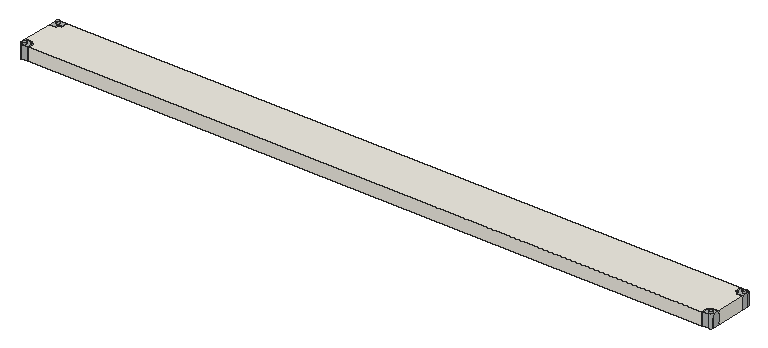
Revit family "HIGHTECH", category Осветительные приборы, Revit 2019
Family settings
  Размер круглого соединителя = Использовать диаметр
  Тип детали = Нормальный
  На основе рабочей плоскости = Нет
  Всегда вертикально = Нет
  При загрузке вырезать с полостями = Нет
  Источник света = Да
  Общий = Нет
  Точка расчета площади = Да
Parameters (values of type "Hightech-76/opal-sand 160х2300 (IP54, 4000К, белый)")
  built-in parameter 1150104 = 13.8 (stored number, unit not read)
  built-in parameter 1150134 = 12
  Файл фотометрической сетки = "Светильник HIGHTECH-76 OPAL-SAND-(160x2300).IES"
  Tilt Angle = 90.00°
  built-in parameter 1150137 = (empty or 0)
  built-in parameter 1150132 = 2
  built-in parameter 1150114 = 1 (stored number, unit not read)
  Dimming Lamp Color Temperature Shift = (empty or 0)
  built-in parameter 1150105 = 572.96 (stored number, unit not read)
  Color Filter = 16777215
  Lumens = 7200 lm
  built-in parameter 1150109 = 1 (stored number, unit not read)
  built-in parameter 1150112 = 1 (stored number, unit not read)
  built-in parameter 1150110 = 1 (stored number, unit not read)
  built-in parameter 1150113 = 1 (stored number, unit not read)
  built-in parameter 1150115 = 1 (stored number, unit not read)
  built-in parameter 1114218 = 1 (stored number, unit not read)
  built-in parameter 1114217 = 1 (stored number, unit not read)
  built-in parameter 1150106 = 5.7296 (stored number, unit not read)
  built-in parameter 1150142 = "IESNA:LM-63-95\r\n[TEST] Протокол № 50-5\r\n[DATA]21.06.2016\r\n[MORE] \r\n[MANUFAC] ЗАО \"Центрстройсвет\"\r\n[LUMCAT]  Светильник HIGHTECH-76/OPAL-SAND-(160x2300)\r\n[LUMINAIRE]\r\n[LAMPCAT] Светодиоды\r\n[LAMP] Поток источника света (светодиодов) не известен\r\n[MORE] КСС приведена в абсолютных величинах кд\r\n[MORE] Вместо потока лампы, указан поток светильника.\r\nTILT=NONE\r\n1    7200 1.0 37 73 1 2 0.160 2.3 0.04\r\n1.0 1.0 76.6\r\n0.0 5.0 10.0 15.0 20.0 25.0 30.0 35.0 40.0 45.0 50.0 55.0 60.0 65.0 70.0 75.0 80.0 85.0 90.0 95.0 100.0 105.0 110.0 115.0 120.0 125.0 130.0 135.0 140.0 145.0 150.0 155.0 160.0 165.0 170.0 175.0 180.0\r\n0.0 5.0 10.0 15.0 20.0 25.0 30.0 35.0 40.0 45.0 50.0 55.0 60.0 65.0 70.0 75.0 80.0 85.0 90.0 95.0 100.0 105.0 110.0 115.0 120.0 125.0 130.0 135.0 140.0 145.0 150.0 155.0 160.0 165.0 170.0 175.0 180.0 185.0 190.0 195.0 200.0 205.0 210.0 215.0 220.0 225.0 230.0 235.0 240.0 245.0 250.0 255.0 260.0 265.0 270.0 275.0 280.0 285.0 290.0 295.0 300.0 305.0 310.0 315.0 320.0 325.0 330.0 335.0 340.0 345.0 350.0 355.0 360.0\r\n3405.6 3374.0 3369.6 3263.0 3188.3 3029.4 2777.5 2366.1 1845.1 1399.4 1065.5 805.3 609.9 450.2 323.1 240.5 163.0 73.4 7.8 0.0 0.0 0.0 0.0 0.0 0.0 0.0 0.0 0.0 0.0 0.0 0.0 0.0 0.0 0.0 0.0 0.0 0.0\r\n3405.6 3374.4 3379.9 3270.2 3198.2 3029.5 2790.9 2373.8 1854.9 1408.8 1072.8 809.5 619.4 453.6 327.0 242.6 164.9 74.0 8.4 0.0 0.0 0.0 0.0 0.0 0.0 0.0 0.0 0.0 0.0 0.0 0.0 0.0 0.0 0.0 0.0 0.0 0.0\r\n3405.6 3375.2 3384.5 3272.8 3199.0 3042.1 2776.0 2384.3 1886.5 1440.1 1094.4 832.2 628.9 457.0 331.8 247.4 169.1 74.3 8.8 0.0 0.0 0.0 0.0 0.0 0.0 0.0 0.0 0.0 0.0 0.0 0.0 0.0 0.0 0.0 0.0 0.0 0.0\r\n3405.6 3375.0 3385.9 3275.2 3180.8 3049.6 2793.5 2392.3 1915.8 1470.0 1127.9 857.8 642.3 462.7 335.0 254.7 174.5 74.9 9.2 0.0 0.0 0.0 0.0 0.0 0.0 0.0 0.0 0.0 0.0 0.0 0.0 0.0 0.0 0.0 0.0 0.0 0.0\r\n3405.6 3374.4 3376.0 3292.1 3177.6 3057.0 2812.9 2421.6 1960.5 1511.4 1168.9 901.6 665.7 470.6 339.0 258.2 176.2 78.1 9.6 0.0 0.0 0.0 0.0 0.0 0.0 0.0 0.0 0.0 0.0 0.0 0.0 0.0 0.0 0.0 0.0 0.0 0.0\r\n3405.6 3373.8 3358.9 3308.4 3174.1 3065.8 2824.7 2463.6 1997.6 1559.8 1217.5 938.4 690.8 482.6 342.3 252.9 177.1 79.1 10.0 0.0 0.0 0.0 0.0 0.0 0.0 0.0 0.0 0.0 0.0 0.0 0.0 0.0 0.0 0.0 0.0 0.0 0.0\r\n3405.6 3373.0 3345.2 3319.4 3197.2 3056.4 2836.9 2491.8 2046.7 1623.7 1269.0 987.0 723.9 501.1 345.5 251.9 178.8 81.4 10.7 0.0 0.0 0.0 0.0 0.0 0.0 0.0 0.0 0.0 0.0 0.0 0.0 0.0 0.0 0.0 0.0 0.0 0.0\r\n3405.6 3372.8 3343.6 3313.9 3208.1 3060.1 2841.4 2505.7 2088.6 1684.6 1324.2 1035.9 758.8 529.1 355.0 255.6 175.0 83.9 10.4 0.0 0.0 0.0 0.0 0.0 0.0 0.0 0.0 0.0 0.0 0.0 0.0 0.0 0.0 0.0 0.0 0.0 0.0\r\n3405.6 3375.3 3339.6 3304.4 3206.2 3085.6 2869.6 2552.3 2131.6 1731.3 1375.7 1080.9 800.2 556.1 372.5 257.7 168.0 87.1 10.7 0.0 0.0 0.0 0.0 0.0 0.0 0.0 0.0 0.0 0.0 0.0 0.0 0.0 0.0 0.0 0.0 0.0 0.0\r\n3405.6 3379.9 3338.3 3292.8 3199.2 3098.4 2883.0 2571.7 2179.2 1786.3 1435.5 1124.5 850.7 583.1 389.7 258.5 168.5 87.0 10.9 0.0 0.0 0.0 0.0 0.0 0.0 0.0 0.0 0.0 0.0 0.0 0.0 0.0 0.0 0.0 0.0 0.0 0.0\r\n3405.6 3384.6 3346.1 3286.5 3185.6 3081.2 2891.4 2590.2 2203.4 1830.5 1478.0 1169.5 878.2 609.2 406.7 266.0 166.9 86.8 10.1 0.0 0.0 0.0 0.0 0.0 0.0 0.0 0.0 0.0 0.0 0.0 0.0 0.0 0.0 0.0 0.0 0.0 0.0\r\n3405.6 3389.3 3362.5 3302.2 3211.6 3103.8 2908.8 2612.3 2251.7 1865.5 1519.4 1209.0 904.8 631.5 424.9 275.5 172.1 88.7 9.7 0.0 0.0 0.0 0.0 0.0 0.0 0.0 0.0 0.0 0.0 0.0 0.0 0.0 0.0 0.0 0.0 0.0 0.0\r\n3405.6 3394.3 3376.4 3293.5 3225.1 3102.4 2926.3 2644.9 2263.0 1896.0 1540.0 1225.2 919.2 646.4 442.6 292.2 179.1 88.4 9.9 0.0 0.0 0.0 0.0 0.0 0.0 0.0 0.0 0.0 0.0 0.0 0.0 0.0 0.0 0.0 0.0 0.0 0.0\r\n3405.6 3398.8 3384.9 3300.0 3226.2 3100.8 2928.0 2664.6 2289.0 1909.4 1550.4 1212.0 922.9 675.4 458.3 310.1 194.1 88.9 11.3 0.0 0.0 0.0 0.0 0.0 0.0 0.0 0.0 0.0 0.0 0.0 0.0 0.0 0.0 0.0 0.0 0.0 0.0\r\n3405.6 3403.8 3394.9 3300.1 3225.5 3082.0 2938.5 2679.7 2327.5 1917.2 1530.2 1177.9 905.7 682.8 470.6 323.4 215.2 95.6 9.9 0.0 0.0 0.0 0.0 0.0 0.0 0.0 0.0 0.0 0.0 0.0 0.0 0.0 0.0 0.0 0.0 0.0 0.0\r\n3405.6 3408.6 3386.4 3281.5 3213.7 3107.8 2945.4 2709.1 2357.5 1918.9 1499.2 1156.9 877.4 666.2 480.4 331.1 218.7 104.4 9.1 0.0 0.0 0.0 0.0 0.0 0.0 0.0 0.0 0.0 0.0 0.0 0.0 0.0 0.0 0.0 0.0 0.0 0.0\r\n3405.6 3410.6 3376.7 3285.0 3209.0 3098.5 2954.5 2719.8 2377.6 1921.2 1487.0 1128.4 854.9 640.0 464.7 329.7 219.2 105.6 11.0 0.0 0.0 0.0 0.0 0.0 0.0 0.0 0.0 0.0 0.0 0.0 0.0 0.0 0.0 0.0 0.0 0.0 0.0\r\n3405.6 3408.1 3366.0 3292.6 3209.8 3093.5 2949.2 2722.9 2395.0 1920.1 1488.3 1116.0 836.4 617.7 446.4 316.9 220.4 109.7 8.9 0.0 0.0 0.0 0.0 0.0 0.0 0.0 0.0 0.0 0.0 0.0 0.0 0.0 0.0 0.0 0.0 0.0 0.0\r\n3405.6 3402.7 3350.0 3304.7 3206.6 3058.9 2911.8 2690.5 2351.9 1903.0 1462.1 1104.8 832.1 611.9 438.5 311.8 216.6 107.1 8.8 0.0 0.0 0.0 0.0 0.0 0.0 0.0 0.0 0.0 0.0 0.0 0.0 0.0 0.0 0.0 0.0 0.0 0.0\r\n3405.6 3397.5 3348.8 3317.6 3208.2 3050.9 2880.6 2665.6 2330.9 1884.5 1458.1 1105.4 824.2 612.9 443.3 308.9 206.4 104.2 8.2 0.0 0.0 0.0 0.0 0.0 0.0 0.0 0.0 0.0 0.0 0.0 0.0 0.0 0.0 0.0 0.0 0.0 0.0\r\n3405.6 3393.4 3347.1 3314.7 3205.9 3062.3 2894.5 2664.4 2318.3 1892.3 1482.3 1121.5 836.2 626.4 450.4 309.2 202.6 99.9 7.6 0.0 0.0 0.0 0.0 0.0 0.0 0.0 0.0 0.0 0.0 0.0 0.0 0.0 0.0 0.0 0.0 0.0 0.0\r\n3405.6 3389.0 3353.8 3306.8 3191.0 3067.8 2890.7 2623.7 2273.8 1883.9 1482.8 1137.7 858.8 637.9 451.4 307.0 196.3 94.9 5.3 0.0 0.0 0.0 0.0 0.0 0.0 0.0 0.0 0.0 0.0 0.0 0.0 0.0 0.0 0.0 0.0 0.0 0.0\r\n3405.6 3385.8 3363.6 3284.5 3190.2 3052.2 2867.0 2603.7 2234.7 1868.2 1486.7 1153.6 873.6 630.9 431.5 292.6 192.4 88.6 3.7 0.0 0.1 0.0 0.0 0.0 0.0 0.0 0.0 0.0 0.0 0.0 0.0 0.0 0.0 0.0 0.0 0.0 0.0\r\n3405.6 3384.7 3368.2 3275.4 3191.3 3027.7 2848.8 2554.0 2194.9 1820.0 1488.1 1166.5 864.2 606.8 408.2 280.2 175.2 81.6 3.0 0.0 0.0 0.0 0.0 0.0 0.0 0.0 0.0 0.0 0.0 0.0 0.0 0.0 0.0 0.0 0.0 0.0 0.0\r\n3405.6 3384.8 3378.5 3286.4 3189.7 3022.3 2833.9 2516.5 2136.9 1793.4 1469.5 1158.8 841.3 573.2 384.8 263.2 159.9 79.3 2.3 0.0 0.0 0.0 0.0 0.0 0.0 0.0 0.0 0.0 0.0 0.0 0.0 0.0 0.0 0.0 0.0 0.0 0.0\r\n3405.6 3385.1 3380.7 3277.4 3186.3 3025.2 2795.8 2474.4 2098.7 1759.6 1435.7 1121.3 817.3 544.5 365.0 244.9 152.2 74.4 1.3 0.0 0.0 0.0 0.0 0.0 0.0 0.0 0.0 0.0 0.0 0.0 0.0 0.0 0.0 0.0 0.0 0.0 0.0\r\n3405.6 3385.7 3379.5 3270.4 3188.1 3012.0 2777.6 2434.0 2067.6 1704.2 1382.0 1070.1 786.0 522.6 351.5 231.7 152.4 65.6 0.6 0.0 0.0 0.0 0.0 0.0 0.0 0.0 0.0 0.0 0.0 0.0 0.0 0.0 0.0 0.0 0.0 0.0 0.0\r\n3405.6 3386.0 3376.9 3263.0 3160.9 3007.9 2751.4 2393.6 2021.0 1665.4 1317.2 1023.3 746.3 501.3 336.3 231.8 146.1 59.9 0.4 0.0 0.0 0.0 0.0 0.0 0.0 0.0 0.0 0.0 0.0 0.0 0.0 0.0 0.0 0.0 0.0 0.0 0.0\r\n3405.6 3384.9 3366.1 3253.7 3170.8 2993.7 2732.7 2368.9 1968.1 1602.0 1254.2 973.1 694.2 478.2 324.9 229.6 146.4 57.0 0.4 0.0 0.0 0.0 0.0 0.0 0.0 0.0 0.0 0.0 0.0 0.0 0.0 0.0 0.0 0.0 0.0 0.0 0.0\r\n3405.6 3382.6 3357.8 3257.4 3163.3 2994.3 2702.7 2336.5 1915.3 1530.9 1200.5 923.8 649.6 455.6 313.7 233.1 145.7 54.4 0.2 0.0 0.0 0.0 0.0 0.0 0.0 0.0 0.0 0.0 0.0 0.0 0.0 0.0 0.0 0.0 0.0 0.0 0.0\r\n3405.6 3380.7 3356.6 3258.4 3159.0 2982.6 2691.5 2294.1 1868.3 1466.2 1148.0 872.1 619.3 435.2 305.9 234.1 146.9 49.7 0.1 0.0 0.0 0.0 0.0 0.0 0.0 0.0 0.0 0.0 0.0 0.0 0.0 0.0 0.0 0.0 0.0 0.0 0.0\r\n3405.6 3380.2 3362.4 3257.2 3157.7 2959.7 2678.8 2269.4 1815.3 1403.1 1103.0 832.5 590.3 414.5 305.4 230.7 143.9 45.9 0.1 0.0 0.0 0.0 0.0 0.0 0.0 0.0 0.0 0.0 0.0 0.0 0.0 0.0 0.0 0.0 0.0 0.0 0.0\r\n3405.6 3380.5 3369.8 3257.8 3138.3 2951.0 2656.0 2239.6 1762.6 1363.8 1057.8 797.2 573.0 401.9 302.8 233.9 140.7 44.8 0.0 0.0 0.0 0.0 0.0 0.0 0.0 0.0 0.0 0.0 0.0 0.0 0.0 0.0 0.0 0.0 0.0 0.0 0.0\r\n3405.6 3379.5 3365.6 3260.4 3137.5 2949.1 2644.6 2207.8 1716.8 1327.0 1024.7 771.4 557.0 393.1 299.3 232.1 139.2 42.6 0.0 0.0 0.0 0.0 0.0 0.0 0.0 0.0 0.0 0.0 0.0 0.0 0.0 0.0 0.0 0.0 0.0 0.0 0.0\r\n3405.6 3376.0 3364.9 3251.5 3153.0 2948.3 2638.0 2188.2 1691.6 1292.8 994.4 750.2 551.7 390.4 295.1 229.1 137.2 41.5 0.0 0.0 0.0 0.0 0.0 0.0 0.0 0.0 0.0 0.0 0.0 0.0 0.0 0.0 0.0 0.0 0.0 0.0 0.0\r\n3405.6 3370.8 3357.6 3249.3 3149.7 2936.4 2617.0 2159.9 1666.8 1272.2 975.6 735.3 545.3 390.5 291.2 226.7 136.0 40.9 0.0 0.0 0.0 0.0 0.0 0.0 0.0 0.0 0.0 0.0 0.0 0.0 0.0 0.0 0.0 0.0 0.0 0.0 0.0\r\n3405.6 3367.3 3346.1 3241.8 3134.2 2934.5 2612.2 2158.6 1652.8 1266.3 962.9 724.9 539.6 390.2 293.3 227.8 135.2 40.4 0.0 0.0 0.0 0.0 0.0 0.0 0.0 0.0 0.0 0.0 0.0 0.0 0.0 0.0 0.0 0.0 0.0 0.0 0.0\r\n3405.6 3368.2 3337.0 3237.8 3138.6 2954.7 2622.9 2162.1 1655.6 1265.9 963.0 724.8 536.8 391.2 297.0 230.5 136.7 39.8 0.0 0.0 0.0 0.0 0.0 0.0 0.0 0.0 0.0 0.0 0.0 0.0 0.0 0.0 0.0 0.0 0.0 0.0 0.0\r\n3405.6 3372.2 3333.4 3246.8 3134.8 2934.1 2635.7 2167.6 1659.0 1285.6 977.2 727.6 536.3 392.1 302.7 235.0 140.3 39.7 0.0 0.0 0.0 0.0 0.0 0.0 0.0 0.0 0.0 0.0 0.0 0.0 0.0 0.0 0.0 0.0 0.0 0.0 0.0\r\n3405.6 3376.2 3321.9 3266.8 3125.0 2950.7 2642.3 2186.7 1691.6 1305.6 994.0 739.6 539.3 393.8 306.1 237.2 143.5 38.8 0.0 0.0 0.0 0.0 0.0 0.0 0.0 0.0 0.0 0.0 0.0 0.0 0.0 0.0 0.0 0.0 0.0 0.0 0.0\r\n3405.6 3379.4 3316.7 3264.5 3130.8 2944.5 2649.9 2215.4 1724.5 1336.3 1021.6 761.9 549.1 393.9 303.9 235.6 146.4 37.9 0.0 0.0 0.0 0.0 0.0 0.0 0.0 0.0 0.0 0.0 0.0 0.0 0.0 0.0 0.0 0.0 0.0 0.0 0.0\r\n3405.6 3383.0 3326.8 3246.1 3125.9 2947.4 2663.6 2233.9 1765.1 1371.0 1058.8 789.0 568.8 399.2 300.8 234.5 143.4 40.8 0.0 0.0 0.0 0.0 0.0 0.0 0.0 0.0 0.0 0.0 0.0 0.0 0.0 0.0 0.0 0.0 0.0 0.0 0.0\r\n3405.6 3386.5 3337.2 3241.5 3139.8 2952.5 2691.9 2271.1 1812.4 1412.5 1099.1 823.6 588.0 409.8 303.3 230.0 140.6 43.8 0.1 0.0 0.0 0.0 0.0 0.0 0.0 0.0 0.0 0.0 0.0 0.0 0.0 0.0 0.0 0.0 0.0 0.0 0.0\r\n3405.6 3388.5 3345.9 3222.1 3131.1 2960.1 2705.2 2312.9 1871.3 1466.1 1142.4 871.8 614.9 426.7 305.1 221.1 142.6 43.8 0.1 0.0 0.0 0.0 0.0 0.0 0.0 0.0 0.0 0.0 0.0 0.0 0.0 0.0 0.0 0.0 0.0 0.0 0.0\r\n3405.6 3389.0 3355.6 3233.4 3109.0 2966.0 2715.3 2353.2 1922.1 1520.6 1190.9 915.7 651.0 447.1 306.4 223.0 138.6 47.2 0.1 0.0 0.0 0.0 0.0 0.0 0.0 0.0 0.0 0.0 0.0 0.0 0.0 0.0 0.0 0.0 0.0 0.0 0.0\r\n3405.6 3389.3 3354.8 3251.9 3132.5 2965.2 2728.2 2393.1 1972.4 1582.9 1241.3 958.7 686.2 467.4 312.0 220.5 134.6 51.4 0.2 0.0 0.0 0.0 0.0 0.0 0.0 0.0 0.0 0.0 0.0 0.0 0.0 0.0 0.0 0.0 0.0 0.0 0.0\r\n3405.6 3389.4 3354.8 3266.4 3139.3 2973.1 2765.9 2430.8 2025.1 1635.6 1300.6 994.8 731.8 481.5 321.6 222.6 137.5 54.9 0.3 0.0 0.0 0.0 0.0 0.0 0.0 0.0 0.0 0.0 0.0 0.0 0.0 0.0 0.0 0.0 0.0 0.0 0.0\r\n3405.6 3388.8 3340.9 3260.4 3150.4 2987.7 2775.6 2458.4 2064.8 1696.3 1344.0 1038.6 756.8 499.3 332.2 230.0 143.6 58.5 0.4 0.0 0.0 0.0 0.0 0.0 0.0 0.0 0.0 0.0 0.0 0.0 0.0 0.0 0.0 0.0 0.0 0.0 0.0\r\n3405.6 3387.2 3322.6 3246.6 3126.8 2978.0 2792.4 2490.1 2122.6 1733.9 1378.4 1075.9 772.3 526.0 346.2 242.3 156.2 65.4 0.4 0.0 0.0 0.0 0.0 0.0 0.0 0.0 0.0 0.0 0.0 0.0 0.0 0.0 0.0 0.0 0.0 0.0 0.0\r\n3405.6 3383.9 3314.5 3234.8 3144.9 2988.4 2814.6 2529.8 2156.8 1772.6 1397.1 1083.5 790.8 540.3 368.4 260.2 167.1 74.2 0.8 0.0 0.0 0.0 0.0 0.0 0.0 0.0 0.0 0.0 0.0 0.0 0.0 0.0 0.0 0.0 0.0 0.0 0.0\r\n3405.6 3379.4 3310.9 3250.0 3156.3 3003.7 2817.4 2566.7 2194.6 1810.3 1409.3 1078.2 794.2 558.2 388.1 271.2 176.4 77.8 1.7 0.0 0.0 0.0 0.0 0.0 0.0 0.0 0.0 0.0 0.0 0.0 0.0 0.0 0.0 0.0 0.0 0.0 0.0\r\n3405.6 3375.3 3308.4 3270.0 3165.9 3011.6 2831.4 2587.5 2249.3 1834.2 1422.2 1057.9 777.0 567.9 398.1 276.8 185.1 81.8 2.2 0.0 0.0 0.0 0.0 0.0 0.0 0.0 0.0 0.0 0.0 0.0 0.0 0.0 0.0 0.0 0.0 0.0 0.0\r\n3405.6 3373.8 3313.7 3282.8 3148.7 3003.0 2850.3 2609.6 2283.3 1855.2 1420.9 1051.3 759.3 555.6 400.0 277.6 187.3 87.7 3.0 0.0 0.0 0.0 0.0 0.0 0.0 0.0 0.0 0.0 0.0 0.0 0.0 0.0 0.0 0.0 0.0 0.0 0.0\r\n3405.6 3375.3 3325.6 3277.7 3138.0 3009.7 2836.5 2602.2 2299.2 1863.9 1422.4 1034.9 741.8 546.2 395.1 275.0 184.8 89.1 3.7 0.0 0.0 0.0 0.0 0.0 0.0 0.0 0.0 0.0 0.0 0.0 0.0 0.0 0.0 0.0 0.0 0.0 0.0\r\n3405.6 3378.7 3333.0 3254.4 3140.4 3006.4 2816.0 2605.6 2308.4 1861.6 1416.4 1040.7 742.8 543.4 391.9 275.4 184.8 89.7 5.0 0.0 0.0 0.0 0.0 0.0 0.0 0.0 0.0 0.0 0.0 0.0 0.0 0.0 0.0 0.0 0.0 0.0 0.0\r\n3405.6 3381.8 3338.2 3252.6 3147.4 3018.7 2868.1 2644.9 2325.0 1884.7 1435.2 1041.6 753.1 552.0 396.6 279.4 191.2 93.5 7.2 0.0 0.0 0.0 0.0 0.0 0.0 0.0 0.0 0.0 0.0 0.0 0.0 0.0 0.0 0.0 0.0 0.0 0.0\r\n3405.6 3383.6 3341.0 3247.3 3160.9 3017.2 2875.2 2639.9 2319.2 1883.9 1448.4 1056.1 777.3 574.1 412.3 285.8 193.0 94.2 7.6 0.0 0.0 0.0 0.0 0.0 0.0 0.0 0.0 0.0 0.0 0.0 0.0 0.0 0.0 0.0 0.0 0.0 0.0\r\n3405.6 3385.6 3335.8 3252.4 3163.9 3026.7 2871.5 2623.0 2293.6 1872.2 1457.5 1078.2 800.0 592.4 417.5 285.6 189.6 89.8 8.5 0.0 0.0 0.0 0.0 0.0 0.0 0.0 0.0 0.0 0.0 0.0 0.0 0.0 0.0 0.0 0.0 0.0 0.0\r\n3405.6 3387.7 3330.1 3255.0 3151.5 3033.4 2858.5 2613.6 2262.7 1865.1 1462.5 1110.7 825.6 594.9 414.7 281.1 177.4 88.6 7.6 0.0 0.0 0.0 0.0 0.0 0.0 0.0 0.0 0.0 0.0 0.0 0.0 0.0 0.0 0.0 0.0 0.0 0.0\r\n3405.6 3388.5 3329.1 3265.5 3157.3 3037.6 2854.4 2610.4 2237.5 1847.7 1465.6 1129.5 840.9 593.9 397.0 267.4 172.4 85.2 7.3 0.0 0.0 0.0 0.0 0.0 0.0 0.0 0.0 0.0 0.0 0.0 0.0 0.0 0.0 0.0 0.0 0.0 0.0\r\n3405.6 3389.1 3323.8 3273.5 3158.4 3036.0 2845.8 2577.5 2210.5 1823.3 1444.2 1138.2 834.9 575.5 381.4 251.8 163.1 81.2 8.0 0.0 0.0 0.0 0.0 0.0 0.0 0.0 0.0 0.0 0.0 0.0 0.0 0.0 0.0 0.0 0.0 0.0 0.0\r\n3405.6 3389.2 3322.5 3281.9 3168.6 3032.2 2854.2 2564.0 2184.7 1793.3 1422.4 1119.0 826.7 559.9 366.4 247.8 153.3 78.0 7.8 0.0 0.0 0.0 0.0 0.0 0.0 0.0 0.0 0.0 0.0 0.0 0.0 0.0 0.0 0.0 0.0 0.0 0.0\r\n3405.6 3387.7 3319.8 3272.3 3157.1 3027.4 2839.9 2532.3 2158.3 1750.2 1392.4 1081.5 802.3 546.0 352.4 246.1 148.6 79.3 7.6 0.0 0.0 0.0 0.0 0.0 0.0 0.0 0.0 0.0 0.0 0.0 0.0 0.0 0.0 0.0 0.0 0.0 0.0\r\n3405.6 3384.8 3317.1 3274.3 3158.2 3032.9 2838.0 2521.5 2113.4 1696.6 1348.0 1045.7 770.8 522.2 349.8 236.5 152.8 76.4 7.8 0.0 0.0 0.0 0.0 0.0 0.0 0.0 0.0 0.0 0.0 0.0 0.0 0.0 0.0 0.0 0.0 0.0 0.0\r\n3405.6 3381.1 3321.0 3266.5 3167.4 3038.1 2831.5 2500.6 2076.3 1655.1 1303.1 1004.1 732.3 502.0 337.0 237.4 158.1 75.2 7.6 0.0 0.0 0.0 0.0 0.0 0.0 0.0 0.0 0.0 0.0 0.0 0.0 0.0 0.0 0.0 0.0 0.0 0.0\r\n3405.6 3377.7 3324.6 3277.8 3182.7 3030.1 2820.8 2478.2 2039.3 1602.2 1256.8 964.1 700.3 483.3 331.2 238.2 163.7 76.0 8.0 0.0 0.0 0.0 0.0 0.0 0.0 0.0 0.0 0.0 0.0 0.0 0.0 0.0 0.0 0.0 0.0 0.0 0.0\r\n3405.6 3375.5 3325.5 3283.5 3169.3 3022.5 2808.0 2454.8 2003.5 1553.8 1212.1 931.5 672.6 461.4 326.0 242.2 168.6 76.6 8.0 0.0 0.0 0.0 0.0 0.0 0.0 0.0 0.0 0.0 0.0 0.0 0.0 0.0 0.0 0.0 0.0 0.0 0.0\r\n3405.6 3374.9 3330.3 3288.1 3166.2 3028.8 2798.8 2423.7 1947.2 1509.3 1168.8 887.6 644.4 448.7 319.8 246.7 173.8 76.1 7.7 0.0 0.0 0.0 0.0 0.0 0.0 0.0 0.0 0.0 0.0 0.0 0.0 0.0 0.0 0.0 0.0 0.0 0.0\r\n3405.6 3375.8 3335.8 3292.2 3152.4 3030.8 2801.5 2407.5 1900.5 1466.9 1137.2 857.2 622.1 438.2 319.2 248.7 175.5 73.9 7.4 0.0 0.0 0.0 0.0 0.0 0.0 0.0 0.0 0.0 0.0 0.0 0.0 0.0 0.0 0.0 0.0 0.0 0.0\r\n3405.6 3377.0 3343.4 3285.9 3163.1 3043.0 2786.2 2383.5 1881.6 1436.0 1103.7 828.1 608.6 434.1 320.1 248.0 171.3 74.3 7.3 0.0 0.0 0.0 0.0 0.0 0.0 0.0 0.0 0.0 0.0 0.0 0.0 0.0 0.0 0.0 0.0 0.0 0.0\r\n3405.6 3376.7 3347.3 3271.5 3174.8 3037.8 2775.2 2372.1 1859.9 1414.7 1086.8 813.5 602.2 433.1 320.5 245.7 167.2 74.1 7.5 0.0 0.0 0.0 0.0 0.0 0.0 0.0 0.0 0.0 0.0 0.0 0.0 0.0 0.0 0.0 0.0 0.0 0.0\r\n3405.6 3375.1 3357.4 3255.8 3187.9 3040.3 2795.0 2366.4 1846.4 1401.0 1068.4 804.4 604.7 439.6 321.3 242.1 162.6 73.7 7.6 0.0 0.0 0.0 0.0 0.0 0.0 0.0 0.0 0.0 0.0 0.0 0.0 0.0 0.0 0.0 0.0 0.0 0.0\r\n3405.6 3374.0 3369.6 3263.0 3188.3 3029.4 2777.5 2366.1 1845.1 1399.4 1065.5 805.3 609.9 450.2 323.1 240.5 163.0 73.4 7.8 0.0 0.0 0.0 0.0 0.0 0.0 0.0 0.0 0.0 0.0 0.0 0.0 0.0 0.0 0.0 0.0 0.0 0.0\r\n"
  built-in parameter 1150133 = 10 (stored number, unit not read)
  Wattage = 48.4712 W
  Матриал вставок = RAL 9006
  built-in parameter 1150139 = (empty or 0)
  built-in parameter 1150138 = (empty or 0)
  built-in parameter 1150107 = 4000 (stored number, unit not read)
  built-in parameter 1150102 = (empty or 0)
  Emit from Rectangle Width = Ширина - 40 mm  # 120 mm
  Emit from Rectangle Length = Длина - 40 mm  # 2260 mm
  Длина = 2300 mm
  УГО [instance] = yes
  Description = ""
  Материал светильника = RAL 9001
  Материал стекла = RAL светящийся
  Type Comments = ""
  Изготовитель = "ЗАО «Центрстройсвет»"
  Ширина = 160 mm
  Высота = 40 mm
  Видимая форма излучения при визуализации = yes
  URL = "http://csvt.ru/"
  ADSK_Ток = ADSK_Номинальная мощность / (ADSK_Коэффициент мощности * ADSK_Напряжение * sqrt(ADSK_Количество фаз числовое))  # 0.359168 A
  ADSK_Примечание = ""
  ADSK_Полная мощность = ADSK_Номинальная мощность / ADSK_Коэффициент мощности  # 82.6087 VA
  ADSK_Обозначение = "Hightech-76/opal-sand 160х2300 (IP54, 4000К, белый)"
  ADSK_Номинальная мощность = 76 W
  ADSK_Напряжение = 230 V
  ADSK_Наименование = "Универсальный светодиодный светильник Hightech-76/opal-sand 160х2300 (IP54, 4000К, белый)"
  ADSK_Масса = 2.9
  ADSK_Коэффициент мощности = 0.92
  ADSK_Количество фаз числовое = 1
  ADSK_Количество фаз = 1
  ADSK_Код изделия = "ЦБ000007745"
  ADSK_Классификация нагрузок = Прочее
  ADSK_Завод-изготовитель = "ЗАО «Центрстройсвет»"
  ADSK_Единица измерения = "шт."
Reference planes
  plane 1 "По центру (Вперед/Назад)": y = 0
  plane 2: z = 0
  plane 3 "По центру (Влево/Вправо)": x = 0
  plane 4: x = -1150
  plane 5: x = 1150
  plane 6: z = 40
  plane 7: y = -80
  plane 8: z = 20
  plane 9: y = 80
  plane 10: y = -60
  plane 11: y = 60
  plane 12: x = 1130
  plane 13: x = -1130
  plane 14: z = 3
  plane 15: z = -2
  plane 16: y = -50
  plane 17: x = 1120
  plane 18: x = -1120
  plane 19: y = 50
  plane 20: x = -1140
  plane 21: y = 70
  plane 22: z = 44
  plane 23: x = 1140
  plane 24: y = -70
Forms (mm)
  Extrusion 1, solid, material "RAL 9006" <- "Матриал вставок", detail levels medium+fine
    sketch origin (0, 0, 0) x (1, 0, 0) y (0, 1, 0)
      loop
        arc (-1140, 80) -> (-1147.071, 77.071) -> (-1150, 70) r 10
        line (-1150, 70) -> (-1150, 50) -> (-1130, 50)
        arc (-1130, 50) -> (-1127.071, 57.071) -> (-1120, 60) r 10
        line (-1120, 60) -> (-1120, 80) -> (-1140, 80)
      loop
        arc (-1150, -70) -> (-1147.071, -77.071) -> (-1140, -80) r 10
        line (-1140, -80) -> (-1120, -80) -> (-1120, -60)
        arc (-1120, -60) -> (-1127.071, -57.071) -> (-1130, -50) r 10
        line (-1130, -50) -> (-1150, -50) -> (-1150, -70)
      loop
        arc (1140, -80) -> (1147.071, -77.071) -> (1150, -70) r 10
        line (1150, -70) -> (1150, -50) -> (1130, -50)
        arc (1130, -50) -> (1127.071, -57.071) -> (1120, -60) r 10
        line (1120, -60) -> (1120, -80) -> (1140, -80)
      loop
        arc (1150, 70) -> (1147.071, 77.071) -> (1140, 80) r 10
        line (1140, 80) -> (1120, 80) -> (1120, 60)
        arc (1120, 60) -> (1127.071, 57.071) -> (1130, 50) r 10
        line (1130, 50) -> (1150, 50) -> (1150, 70)
    from -2 to 40
  Extrusion 2, void
    sketch origin (0, 0, 0) x (1, 0, 0) y (0, 1, 0)
      loop
        arc (-1120, 60) -> (-1127.071, 57.071) -> (-1130, 50) r 10
        line (-1130, 50) -> (-1130, -50)
        arc (-1130, -50) -> (-1127.071, -57.071) -> (-1120, -60) r 10
        line (-1120, -60) -> (1120, -60)
        arc (1120, -60) -> (1127.071, -57.071) -> (1130, -50) r 10
        line (1130, -50) -> (1130, 50)
        arc (1130, 50) -> (1127.071, 57.071) -> (1120, 60) r 10
        line (1120, 60) -> (-1120, 60)
    from -2 to 3
  Extrusion 3, solid, material "RAL 9001" <- "Материал светильника", detail levels medium+fine
    sketch origin (0, 0, 0) x (1, 0, 0) y (0, 1, 0)
      loop
        line (-1150, 50) -> (-1150, -50) -> (-1130, -50)
        arc (-1130, -50) -> (-1127.071, -57.071) -> (-1120, -60) r 10
        line (-1120, -60) -> (-1120, -80) -> (1120, -80) -> (1120, -60)
        arc (1120, -60) -> (1127.071, -57.071) -> (1130, -50) r 10
        line (1130, -50) -> (1150, -50) -> (1150, 50) -> (1130, 50)
        arc (1130, 50) -> (1127.071, 57.071) -> (1120, 60) r 10
        line (1120, 60) -> (1120, 80) -> (-1120, 80) -> (-1120, 60)
        arc (-1120, 60) -> (-1127.071, 57.071) -> (-1130, 50) r 10
        line (-1130, 50) -> (-1150, 50)
    from -2 to 40
  Extrusion 4, solid, material "RAL 9006" <- "Матриал вставок", detail levels medium+fine
    sketch origin (0, 0, 0) x (1, 0, 0) y (0, 1, 0)
      loop
        circle (-1140, 70) r 6
      loop
        circle (1140, 70) r 6
      loop
        circle (1140, -70) r 6
      loop
        circle (-1140, -70) r 6
    from -2 to 44
  Extrusion 5, solid, material "RAL светящийся" <- "Материал стекла", detail levels medium+fine
    sketch origin (0, 0, 0) x (1, 0, 0) y (0, 1, 0)
      loop
        arc (-1120, 60) -> (-1127.071, 57.071) -> (-1130, 50) r 10
        line (-1130, 50) -> (-1130, -50)
        arc (-1130, -50) -> (-1127.071, -57.071) -> (-1120, -60) r 10
        line (-1120, -60) -> (1120, -60)
        arc (1120, -60) -> (1127.071, -57.071) -> (1130, -50) r 10
        line (1130, -50) -> (1130, 50)
        arc (1130, 50) -> (1127.071, 57.071) -> (1120, 60) r 10
        line (1120, 60) -> (-1120, 60)
    from 0 to 3
Cuts and joins
  Extrusion 2 cuts Extrusion 1
  Extrusion 2 cuts Extrusion 3
Dimensions and locks
  equal spacing: plane 4, plane 3 "По центру (Влево/Вправо)", plane 5
  "Длина": plane 4 to plane 5
  equal spacing: plane 6, plane 8, plane 2
  equal spacing: plane 9, plane 1 "По центру (Вперед/Назад)", plane 7
  "Ширина": plane 9 to plane 7
  "Высота": plane 6 to plane 2
  locked: plane 10 to plane 7 at 20
  locked: plane 11 to plane 9 at 20
  locked: plane 4 to plane 13 at 20
  locked: plane 12 to plane 5 at 20
  locked: plane 14 to plane 2 at 3
  locked: plane 2 to plane 15 at 2
  locked: plane 19 to plane 11 at 10
  locked: plane 16 to plane 10 at 10
  locked: plane 13 to plane 18 at 10
  locked: plane 17 to plane 12 at 10
  locked: plane 22 to plane 6 at 4
  locked: plane 24 to plane 7 at 10
  locked: plane 21 to plane 9 at 10
  locked: plane 23 to plane 5 at 10
  locked: plane 4 to plane 20 at 10
  aligned and locked: level to plane 2
  aligned and locked: plane 9 to Extrusion 1 sketch curve
  aligned and locked: plane 4 to Extrusion 1 sketch curve
  aligned and locked: plane 7 to Extrusion 1 sketch curve
  aligned and locked: plane 5 to Extrusion 1 sketch curve
  aligned and locked: Extrusion 1 to plane 15
  aligned and locked: Extrusion 1 to Extrusion 2
  aligned and locked: plane 6 to Extrusion 1
  aligned and locked: plane 15 to imposter light
  aligned and locked: plane 4 to Extrusion 3 sketch curve
  aligned and locked: plane 16 to Extrusion 3 sketch curve  (x2)
  aligned and locked: plane 9 to Extrusion 3 sketch curve
  aligned and locked: plane 18 to Extrusion 3 sketch curve  (x2)
  aligned and locked: plane 17 to Extrusion 3 sketch curve  (x2)
  aligned and locked: plane 19 to Extrusion 3 sketch curve  (x2)
  aligned and locked: plane 5 to Extrusion 3 sketch curve
  aligned and locked: plane 7 to Extrusion 3 sketch curve
  aligned and locked: plane 6 to Extrusion 3
  aligned and locked: Extrusion 3 to plane 15
  aligned and locked: Extrusion 3 sketch curve to cut or joined group of Extrusion 1, Extrusion 2  (x4)
  aligned and locked: plane 21 to Extrusion 4 sketch curve  (x2)
  aligned and locked: plane 20 to Extrusion 4 sketch curve  (x2)
  aligned and locked: plane 22 to Extrusion 4
  aligned and locked: Extrusion 4 to plane 15
  aligned and locked: plane 24 to Extrusion 4 sketch curve  (x2)
  aligned and locked: plane 23 to Extrusion 4 sketch curve  (x2)
  aligned and locked: Extrusion 5 sketch curve to cut or joined group of Extrusion 2, Extrusion 3  (x4)
  aligned and locked: Extrusion 5 to plane 2
  aligned and locked: plane 14 to Extrusion 5
  aligned and locked: plane 14 to Extrusion 2
Automatic sketch dimensions
  Extrusion 1 sketch curve to plane 11 = 10 mm  (x2)
  Extrusion 1 sketch curve to plane 13 = 10 mm
  Extrusion 1 sketch curve to plane 18 = 0 mm  (x2)
  Extrusion 1 sketch curve to plane 17 = 0 mm  (x2)
  Extrusion 1 sketch curve to plane 12 = 10 mm  (x2)
  Extrusion 1 sketch curve to plane 7 = 0 mm
  Extrusion 1 sketch curve to plane 10 = 0 mm  (x2)
  Extrusion 1 sketch curve to plane 4 = 0 mm
  Extrusion 1 sketch curve to plane 13 = 0 mm  (x2)
  plane 11 to Extrusion 1 sketch curve = 0 mm
  Extrusion 1 sketch curve to plane 12 = 0 mm  (x2)
  Extrusion 1 sketch curve to plane 5 = 0 mm
  plane 19 to Extrusion 1 sketch curve = 0 mm
  plane 11 to Extrusion 2 sketch curve = 0 mm
  plane 19 to Extrusion 2 sketch curve = 0 mm
  Extrusion 2 sketch curve to plane 17 = 0 mm  (x2)
  Extrusion 2 sketch curve to plane 12 = 0 mm
  Extrusion 2 sketch curve to plane 16 = 0 mm  (x2)
  Extrusion 2 sketch curve to plane 18 = 0 mm
  radius of Extrusion 4 sketch curve = 6 mm  (x4)
Nested families
  nested 1: "УГО светильник светодиодный" at (0, 0, 0), type "УГО светильник прямоугольный"
Connectors
  electrical at (0, 0, 40), driven by "ADSK_Количество фаз", driven by "ADSK_Классификация нагрузок", driven by "ADSK_Напряжение", driven by "ADSK_Полная мощность", driven by "ADSK_Коэффициент мощности"
    settings: on cut or joined group of Extrusion 2, Extrusion 3, index 1, voltage 230 V, apparent load 0 VA, apparent load phase1 82.6087 VA, apparent load phase2 0 VA, apparent load phase3 0 VA, power factor 0.92, load classification "Прочее", number of poles 1, system type 31, power factor state 1, is connector primary yes, connector utility no, sub classification motor no, connector description ""
Definition of nested family "УГО светильник светодиодный"
  Parameters
    Длина = 1000 mm
    Ширина = 500 mm
  Reference planes
    plane 1 "По центру (Вперед/Назад)": y = 0
    plane 2: z = 0
    plane 3 "По центру (Влево/Вправо)": x = 0
    plane 4: x = -500
    plane 5: y = 250
    plane 6: x = 500
    plane 7: y = -250
    plane 8: x = -333.333
    plane 9: x = -166.667
    plane 10: x = 333.333
    plane 11: x = 166.667
  Lines and regions (mm)
    model lines, detail levels coarse
      curve 1: line (-500, 250, 0) -> (500, 250, 0)
      curve 2: line (-500, -250, 0) -> (-500, 250, 0)
      curve 3: line (500, -250, 0) -> (-500, -250, 0)
      curve 4: line (500, 250, 0) -> (500, -250, 0)
      curve 5: line (333.333, -250, 0) -> (333.333, 250, 0)
      curve 6: line (-333.333, -250, 0) -> (-333.333, 250, 0)
  Dimensions and locks
    equal spacing: plane 7, plane 1 "По центру (Вперед/Назад)", plane 5
    "Ширина": plane 7 to plane 5
    equal spacing: plane 4, plane 3 "По центру (Влево/Вправо)", plane 6
    "Длина": plane 4 to plane 6
    equal spacing: plane 4, plane 9, plane 11, plane 6
    equal spacing: plane 4, plane 8, plane 9
    equal spacing: plane 11, plane 10, plane 6
    aligned and locked: level to plane 2
    aligned and locked: curve 1 to plane 5
    aligned and locked: plane 4 to curve 2
    aligned and locked: curve 3 to plane 7
    aligned and locked: plane 6 to curve 4
    aligned and locked: curve 5 to plane 10
    aligned and locked: plane 8 to curve 6
